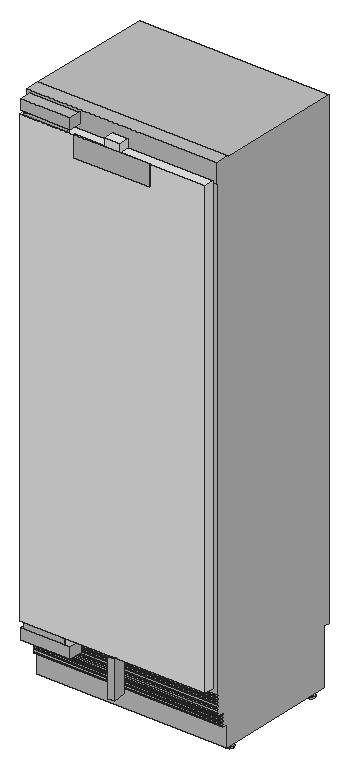
Revit family "FP_Revit_18_RS3084FLJK1_Freezer_90001072A", category Specialty Equipment, Revit 2018
Family settings
  Round Connector Dimension = Use Diameter
  Part Type = Normal
  OmniClass Number = 23.40.40.11.11
  OmniClass Title = Refrigerators and Freezers
  Work Plane-Based = No
  Always vertical = Yes
  Cut with Voids When Loaded = Yes
  Shared = No
  Room Calculation Point = No
Parameters (values of type "RS3084FLJK1")
  Visibility - Water Connection = yes
  Visibility - Visibility Control Note = yes
  Visibility - Clearance Required = yes
  URL = "www.fisherpaykel.com"
  Stainless Steel Door Panels (RD3484L4D) = no
  Product - Width = 756 mm  # constant formula
  Product - Height = 2134 mm  # constant formula
  Product - Depth (exl front panel) = 610 mm  # constant formula
  Model = "RS3084FLJK1"
  Material - Handle = Fisher & Paykel - Aluminium
  Material - Door Structure = Fisher & Paykel - White
  Material - Door Front = Fisher & Paykel - Stainless Steel
  Material - Body = Fisher & Paykel - Grey
  Manufacturer = "Fisher & Paykel Appliances"
  Handle Style - Professional Square (AHV2-RD84) = no
  Handle Style - Professional Round (AHC-RD84) = no
  Handle Style - Contemporary Square (AHD3-RD84) = no
  Handle Style - Contemporary Round (AHS-RD84) = no
  Description = "30\" Integrated Column Freezer with internal ice maker, stainless steel interior"
  Connector Description - Water = "1/4\" (6mm) comp. stainless steel braided hose"
  Connector Description - Electrical = "120 V, 10 amp fused electrical supply"
  Cavity - Width = 762 mm  # constant formula
  Cavity - Height = 2134 mm  # constant formula
  Cavity - Depth = 635 mm  # constant formula
Types (3, lengths in mm): name | Model | Description
  (no name) | "RS3084FLJK1" | "30\" Integrated Column Freezer with internal ice maker, stainless steel interior"
  RS3084FLJ1 | "RS3084FLJ1" | "30\" Integrated Column Freezer with internal ice maker, white steel interior"
  RS3084FLJK1 | "RS3084FLJK1" | "30\" Integrated Column Freezer with internal ice maker, stainless steel interior"
Reference planes
  plane 1 "Datum": y = 0
  plane 2: z = 0
  plane 3 "Center (Left/Right)": x = 0
  plane 4 "Product LHS": x = -378
  plane 5 "Product RHS": x = 378
  plane 6 "Product - Depth": y = 610
  plane 7 "Cavity LHS": x = -381
  plane 8 "Cavity RHS": x = 381
  plane 9 "Cavity - Depth": y = 612.9
  plane 10 "Handle Offset": x = 315
  plane 11 "Product Height": z = 2134
  plane 12 "Cavity Height": z = 2134
  plane 13 "Door Panel Datum": y = -4.1
Forms (mm)
  Extrusion 1, solid, material "Fisher & Paykel - Grey" <- "Material - Body", detail levels fine
    sketch origin (0, 0, 0) x (0, 1, 0) y (0, 0, 1)
      loop
        line (100.1, 19.1) -> (587.9, 19.1) -> (587.9, 239.7) -> (610, 239.7) -> (610, 2131.9) -> (105.1, 2131.9) -> (105.1, 2134) -> (49.9, 2134) -> (49.9, 2059) -> (56, 2059) -> (56, 228.6) -> (59.5, 228.6) -> (59.5, 219.7) -> (56.5, 219.7) -> (56.5, 215.9) -> (59.5, 215.9) -> (59.5, 207) -> (56.5, 207) -> (56.5, 203.2) -> (59.5, 203.2) -> (59.5, 194.3) -> (56.5, 194.3) -> (56.5, 190.5) -> (59.5, 190.5) -> (59.5, 181.6) -> (56.5, 181.6) -> (56.5, 177.8) -> (59.5, 177.8) -> (59.5, 168.9) -> (56.5, 168.9) -> (56.5, 165.1) -> (59.5, 165.1) -> (59.5, 156.2) -> (56.5, 156.2) -> (56.5, 152.4) -> (84.1, 152.4) -> (84.1, 143.5) -> (81.1, 143.5) -> (81.1, 139.7) -> (84.1, 139.7) -> (84.1, 130.8) -> (81.1, 130.8) -> (81.1, 127) -> (84.1, 127) -> (84.1, 118.1) -> (81.1, 118.1) -> (81.1, 114.3) -> (84.1, 114.3) -> (84.1, 105.4) -> (81.1, 105.4) -> (81.1, 101.6) -> (100.1, 101.6) -> (100.1, 19.1)
    from -378 to 378
  Extrusion 2, solid, material "Fisher & Paykel - Grey" <- "Material - Body"
    sketch origin (0, 0, 0) x (1, 0, 0) y (0, 1, 0)
      loop
        circle (-357.5, 547.8) r 4.1
      loop
        circle (-357.5, 141.8) r 4.1
      loop
        circle (357.5, 547.8) r 4.1
      loop
        circle (357.5, 141.8) r 4.1
    from 3 to 19.1
  Extrusion 3, solid, material "Fisher & Paykel - Grey" <- "Material - Body"
    sketch origin (0, 0, 0) x (1, 0, 0) y (0, 1, 0)
      loop
        circle (-357.5, 547.8) r 14.5
      loop
        circle (-357.5, 141.8) r 14.555
      loop
        circle (357.5, 547.8) r 14.5
      loop
        circle (357.5, 141.8) r 14.555
    from 0 to 3
  Extrusion 4, solid, material "Fisher & Paykel - Grey" <- "Material - Body", detail levels fine
    sketch origin (0, 0, 0) x (1, 0, 0) y (0, 1, 0)
      loop
        line (-7.5, 49) -> (-13.797, -4.1) -> (13.797, -4.1) -> (7.5, 49) -> (-7.5, 49)
    from 104.2 to 254.2
  Extrusion 5, solid, material "Fisher & Paykel - Grey" <- "Material - Body", detail levels fine
    sketch origin (0, 0, 0) x (0, 1, 0) y (0, 0, 1)
      loop
        line (0, 2070.6) -> (0, 1988.6) -> (2, 1988.6) -> (2, 2068.6) -> (4, 2068.6) -> (4, 2070.6) -> (0, 2070.6)
    from -150 to 150
  Extrusion 6, solid, material "Fisher & Paykel - Grey" <- "Material - Body"
    sketch origin (0, 0, 0) x (1, 0, 0) y (0, 0, 1)
      loop
        circle (303, 119.813) r 5
      loop
        circle (-303, 119.813) r 5
    from -590 to -587.9
  Extrusion 7, solid, material "Fisher & Paykel - White" <- "Material - Door Structure"
    sketch origin (0, 0, 0) x (1, 0, 0) y (0, 1, 0)
      loop
        line (-353, 56) -> (-353, 42) -> (353, 42) -> (353, 56) -> (-353, 56)
    from 269.6 to 2030.7
  Extrusion 8, solid, material "Fisher & Paykel - White" <- "Material - Door Structure"
    sketch origin (0, 0, 0) x (1, 0, 0) y (0, 1, 0)
      loop
        line (-369.4, 42) -> (-369.4, 3) -> (369.4, 3) -> (369.4, 42) -> (-369.4, 42)
    from 254.2 to 2068.6
  Extrusion 9, solid, material "Fisher & Paykel - White" <- "Material - Door Structure", detail levels fine
    sketch origin (0, 0, 0) x (1, 0, 0) y (0, 0, 1)
      loop
        line (-29.5, 2100.1) -> (-29.5, 2068.6) -> (29.5, 2068.6) -> (29.5, 2100.1) -> (-29.5, 2100.1)
    from -42 to -3
  Extrusion 10, solid, material "Fisher & Paykel - Stainless Steel" <- "Material - Door Front", visible <- "Stainless Steel Door Panels (RD3484L4D)"
    sketch origin (0, 0, 0) x (0, 1, 0) y (0, 0, 1)
      loop
        line (-22.1, 2130.8) -> (-22.1, 102) -> (-4.1, 102) -> (-4.1, 2130.8) -> (-22.1, 2130.8)
    from -378 to 378
  Extrusion 11, solid, material "Fisher & Paykel - Grey" <- "Material - Body", detail levels coarse+medium
    sketch origin (0, 0, 0) x (0, 1, 0) y (0, 0, 1)
      loop
        line (49.9, 2134) -> (49.9, 2059) -> (56, 2059) -> (56, 152.4) -> (81.1, 152.4) -> (81.1, 101.6) -> (100.1, 101.6) -> (100.1, 19.1) -> (587.9, 19.1) -> (587.9, 239.7) -> (610, 239.7) -> (610, 2134) -> (49.9, 2134)
    from -378 to 378
  Extrusion 12, solid, material "Fisher & Paykel - Grey" <- "Material - Body", detail levels fine
    sketch origin (0, 0, 0) x (-1, 0, 0) y (0, 0, -1)
      loop
        line (366.4, -187.65) -> (168.42, -187.65) -> (168.42, -229.75) -> (366.4, -229.75) -> (366.4, -187.65)
    from -56 to -2.5
  Extrusion 13, solid, material "Fisher & Paykel - Grey" <- "Material - Body", detail levels fine
    sketch origin (0, 0, 0) x (-1, 0, 0) y (0, 0, -1)
      loop
        line (366.4, -2123.15) -> (366.4, -2081.05) -> (168.42, -2081.05) -> (168.42, -2123.15) -> (366.4, -2123.15)
    from -49 to -2.5
  Extrusion 14, solid, material "Fisher & Paykel - Grey" <- "Material - Body", detail levels fine
    sketch origin (0, 0, -4) x (0, 1, 0) y (0, 0, 1)
      loop
        arc (163.888, 23.1) -> (180.4, 13.63) -> (196.912, 23.1) r 19.13
        line (196.912, 23.1) -> (163.888, 23.1)
      loop
        arc (493.888, 23.1) -> (510.4, 13.63) -> (526.912, 23.1) r 19.13
        line (526.912, 23.1) -> (493.888, 23.1)
    from 191 to 219
  Extrusion 15, solid, material "Fisher & Paykel - Grey" <- "Material - Body", detail levels fine
    sketch origin (0, 0, -4) x (0, 1, 0) y (0, 0, -1)
      loop
        line (163.888, -23.1) -> (196.912, -23.1)
        arc (196.912, -23.1) -> (180.4, -13.63) -> (163.888, -23.1) r 19.13
      loop
        line (493.888, -23.1) -> (526.912, -23.1)
        arc (526.912, -23.1) -> (510.4, -13.63) -> (493.888, -23.1) r 19.13
    from 191 to 219
  Extrusion 16, solid, material "Fisher & Paykel - Clearance Required", visible <- "Visibility - Clearance Required", detail levels coarse
    sketch origin (0, 0, 0) x (1, 0, 0) y (0, 1, 0)
      loop
        line (-381, 612.9) -> (-381, -4.1) -> (381, -4.1) -> (381, 612.9) -> (-381, 612.9)
    from 0 to 2134
  Extrusion 17, void
    sketch origin (0, 0, 0) x (1, 0, 0) y (0, 1, 0)
      loop
        line (-381, 612.9) -> (-381, -22.1) -> (381, -22.1) -> (381, 612.9) -> (-381, 612.9)
    from 0 to 2134
  Extrusion 18, solid, material "Fisher & Paykel - Grey" <- "Material - Body", detail levels fine
    sketch origin (-73, 0, 0) x (-1, 0, 0) y (0, 0, -1)
      loop
        line (118.4, -254.2) -> (282.9, -254.2) -> (282.9, -229.75) -> (118.4, -229.75) -> (118.4, -254.2)
      loop
        line (106, -2081.05) -> (242.9, -2081.05) -> (282.9, -2076.05) -> (282.9, -2068.6) -> (106, -2068.6) -> (106, -2081.05)
    from -7 to -4
  Extrusion 19, solid, material "Fisher & Paykel - Clearance Required", visible <- "Visibility - Clearance Required", detail levels coarse
    sketch origin (0, 0, 0) x (-1, 0, 0) y (0, -1, 0)
      loop
        line (301.5, 22.1) -> (378, 22.1)
        arc (378, 22.1) -> (380.992, 57.074) -> (415.915, 60.616) r 27.5
        line (415.915, 60.616) -> (697.006, 665.395) -> (723.252, 653.196)
        arc (723.252, 653.196) -> (747.815, 662.136) -> (738.875, 686.699) r 18.483
        line (738.875, 686.699) -> (712.602, 698.95) -> (734.604, 746.289)
        arc (734.604, 746.289) -> (-22.015, 691.951) -> (-378, 22.1) r 783.517
        line (-378, 22.1) -> (301.5, 22.1)
    from 0 to 2134
Lines and regions (mm)
  model lines, style "Fisher & Paykel"
    curve 1: line (-378, -4.1, 2130.8) -> (378, -4.1, 2130.8)
    curve 2: line (-378, -4.1, 102) -> (-378, -4.1, 2130.8)
    curve 3: line (378, -4.1, 102) -> (-378, -4.1, 102)
    curve 4: line (378, -4.1, 2130.8) -> (378, -4.1, 102)
Text (mm)
  text "Due to ongoing product development, product details are subject to change without notice. \nPlease always refer to www.fisherpaykel.com for the most current product information. \n© Fisher & Paykel 2020" at (41.04, -848.295, 0), in view "Ref. Level (Plan)"
Dimensions and locks
  equal spacing: plane 4 "Product LHS", plane 3 "Center (Left/Right)", plane 5 "Product RHS"
  "Product - Width": plane 4 "Product LHS" to plane 5 "Product RHS"
  "Product - Depth (exl front panel)": plane 1 "Datum" to plane 6 "Product - Depth"
  equal spacing: plane 7 "Cavity LHS", plane 3 "Center (Left/Right)", plane 8 "Cavity RHS"
  "Cavity - Width": plane 7 "Cavity LHS" to plane 8 "Cavity RHS"
  plane 4 "Product LHS" to Extrusion 2 sketch curve = 24.6 mm
  plane 4 "Product LHS" to plane 10 "Handle Offset" = 693 mm
  Extrusion 6 sketch curve to Extrusion 1 = 119.887 mm  (x2)
  Extrusion 6 sketch curve to plane 5 "Product RHS" = 75 mm
  plane 4 "Product LHS" to Extrusion 6 sketch curve = 75 mm
  Extrusion 1 sketch curve to Extrusion 1 sketch curve = 82.5 mm
  Extrusion 1 sketch curve to Extrusion 1 sketch curve = 209.5 mm
  Extrusion 1 sketch curve to Extrusion 1 sketch curve = 220.6 mm
  Extrusion 3 to level = 3 mm
  Extrusion 11 to Extrusion 8 = 235.1 mm
  Extrusion 11 to Extrusion 7 = 250.5 mm
  Extrusion 11 to Extrusion 11 = 2114.9 mm
  Extrusion 11 to Extrusion 10 = 82.9 mm
  "Product - Height": level to plane 11 "Product Height"
  plane 11 "Product Height" to Extrusion 10 = 3.2 mm
  Extrusion 8 to plane 11 "Product Height" = 65.4 mm
  Extrusion 7 to plane 11 "Product Height" = 103.3 mm
  Extrusion 11 sketch curve to plane 11 "Product Height" = 75 mm
  Extrusion 1 sketch curve to plane 11 "Product Height" = 2.1 mm
  Extrusion 1 sketch curve to plane 11 "Product Height" = 75 mm
  "Cavity - Height": plane 12 "Cavity Height" to level
  plane 1 "Datum" to Extrusion 16 = 612.9 mm
  plane 1 "Datum" to Extrusion 17 = 612.9 mm
  Extrusion 18 sketch curve to Extrusion 18 sketch curve = 40 mm
  Extrusion 18 sketch curve to Extrusion 18 sketch curve = 176.9 mm
  plane 3 "Center (Left/Right)" to Extrusion 18 sketch curve = 179 mm
  plane 3 "Center (Left/Right)" to Extrusion 18 sketch curve = 191.4 mm
  plane 3 "Center (Left/Right)" to Extrusion 18 sketch curve = 355.9 mm
  plane 3 "Center (Left/Right)" to Extrusion 13 sketch curve = 168.42 mm
  plane 3 "Center (Left/Right)" to Extrusion 12 sketch curve = 168.42 mm
  plane 1 "Datum" to Extrusion 19 = 22.1 mm
  "Cavity - Depth": plane 9 "Cavity - Depth" to Extrusion 19
  plane 10 "Handle Offset" to plane 5 "Product RHS" = 63 mm
  radius of Extrusion 6 sketch curve = 5 mm
  aligned and locked: level to plane 2
  aligned and locked: Extrusion 10 to plane 5 "Product RHS"
  aligned and locked: plane 4 "Product LHS" to Extrusion 10
  aligned and locked: Extrusion 11 to plane 5 "Product RHS"
  aligned and locked: Extrusion 11 to plane 4 "Product LHS"
  aligned and locked: Extrusion 11 sketch curve to plane 11 "Product Height"
  aligned and locked: plane 11 "Product Height" to Extrusion 1 sketch curve
  aligned and locked: Extrusion 14 sketch curve to Extrusion 14 sketch curve
  aligned and locked: Extrusion 15 sketch curve to Extrusion 15 sketch curve
  aligned and locked: Extrusion 1 to plane 5 "Product RHS"
  aligned and locked: plane 4 "Product LHS" to Extrusion 1
  aligned and locked: Extrusion 11 sketch curve to Extrusion 1  (x4)
  aligned and locked: Extrusion 2 to Extrusion 1
  aligned and locked: nested 2 to plane 10 "Handle Offset"
  aligned and locked: nested 3 to plane 10 "Handle Offset"
  aligned and locked: nested 4 to plane 10 "Handle Offset"
  aligned and locked: nested 5 to plane 10 "Handle Offset"
Automatic sketch dimensions
  Extrusion 1 sketch curve to plane 6 "Product - Depth" = 0 mm
  Extrusion 1 sketch curve to Extrusion 1 sketch curve = 22.1 mm
  Extrusion 1 sketch curve to plane 1 "Datum" = 105.1 mm
  level to Extrusion 1 sketch curve = 19.1 mm
  Extrusion 1 sketch curve to plane 1 "Datum" = 100.1 mm
  Extrusion 1 sketch curve to Extrusion 1 sketch curve = 16 mm
  Extrusion 1 sketch curve to Extrusion 1 sketch curve = 0 mm  (x8)
  Extrusion 1 sketch curve to Extrusion 1 sketch curve = 3 mm  (x10)
  Extrusion 1 sketch curve to plane 1 "Datum" = 59.5 mm
  Extrusion 1 sketch curve to plane 1 "Datum" = 56 mm
  Extrusion 1 sketch curve to plane 1 "Datum" = 49.9 mm
  Extrusion 1 sketch curve to Extrusion 1 sketch curve = 3.8 mm  (x10)
  Extrusion 1 sketch curve to Extrusion 1 sketch curve = 8.9 mm  (x9)
  Extrusion 2 sketch curve to plane 4 "Product LHS" = 20.5 mm  (x2)
  plane 5 "Product RHS" to Extrusion 2 sketch curve = 20.5 mm  (x2)
  Extrusion 2 sketch curve to plane 1 "Datum" = 141.8 mm  (x2)
  Extrusion 2 sketch curve to plane 6 "Product - Depth" = 62.2 mm  (x2)
  Extrusion 3 sketch curve to plane 4 "Product LHS" = 20.5 mm  (x2)
  plane 5 "Product RHS" to Extrusion 3 sketch curve = 20.5 mm  (x2)
  Extrusion 3 sketch curve to plane 1 "Datum" = 141.8 mm  (x2)
  Extrusion 3 sketch curve to plane 6 "Product - Depth" = 62.2 mm  (x2)
  plane 1 "Datum" to Extrusion 4 sketch curve = 4.1 mm
  Extrusion 4 sketch curve to plane 3 "Center (Left/Right)" = 13.797 mm
  Extrusion 4 sketch curve to plane 3 "Center (Left/Right)" = 7.5 mm
  plane 3 "Center (Left/Right)" to Extrusion 4 sketch curve = 7.5 mm
  plane 3 "Center (Left/Right)" to Extrusion 4 sketch curve = 13.797 mm
  Extrusion 4 sketch curve to plane 1 "Datum" = 49 mm
  Extrusion 5 sketch curve to plane 1 "Datum" = 0 mm
  Extrusion 5 sketch curve to plane 1 "Datum" = 2 mm
  Extrusion 5 sketch curve to Extrusion 5 sketch curve = 2 mm  (x2)
  plane 11 "Product Height" to Extrusion 5 sketch curve = 145.4 mm
  plane 11 "Product Height" to Extrusion 5 sketch curve = 65.4 mm
  Extrusion 7 sketch curve to plane 4 "Product LHS" = 25 mm
  plane 5 "Product RHS" to Extrusion 7 sketch curve = 25 mm
  Extrusion 7 sketch curve to plane 1 "Datum" = 42 mm
  Extrusion 7 sketch curve to Extrusion 7 sketch curve = 14 mm
  Extrusion 8 sketch curve to plane 1 "Datum" = 3 mm
  Extrusion 8 sketch curve to plane 4 "Product LHS" = 8.6 mm
  plane 5 "Product RHS" to Extrusion 8 sketch curve = 8.6 mm
  Extrusion 8 sketch curve to Extrusion 8 sketch curve = 39 mm
  Extrusion 9 sketch curve to plane 3 "Center (Left/Right)" = 29.5 mm
  plane 3 "Center (Left/Right)" to Extrusion 9 sketch curve = 29.5 mm
  plane 11 "Product Height" to Extrusion 9 sketch curve = 65.4 mm
  Extrusion 9 sketch curve to Extrusion 9 sketch curve = 31.5 mm
  plane 1 "Datum" to Extrusion 10 sketch curve = 22.1 mm
  plane 1 "Datum" to Extrusion 10 sketch curve = 4.1 mm
  level to Extrusion 10 sketch curve = 102 mm
  plane 11 "Product Height" to Extrusion 10 sketch curve = 3.2 mm
  Extrusion 11 sketch curve to plane 6 "Product - Depth" = 0 mm
  Extrusion 11 sketch curve to plane 6 "Product - Depth" = 22.1 mm
  Extrusion 11 sketch curve to plane 1 "Datum" = 100.1 mm
  Extrusion 11 sketch curve to Extrusion 11 sketch curve = 19 mm
  Extrusion 11 sketch curve to plane 1 "Datum" = 56 mm
  Extrusion 11 sketch curve to plane 1 "Datum" = 49.9 mm
  Extrusion 11 sketch curve to Extrusion 11 sketch curve = 50.8 mm
  plane 4 "Product LHS" to Extrusion 12 sketch curve = 11.6 mm
  Extrusion 12 sketch curve to level = 187.65 mm
  Extrusion 12 sketch curve to Extrusion 12 sketch curve = 42.1 mm
  plane 4 "Product LHS" to Extrusion 13 sketch curve = 11.6 mm
  Extrusion 13 sketch curve to plane 11 "Product Height" = 52.95 mm
  Extrusion 13 sketch curve to plane 11 "Product Height" = 10.85 mm
  level to Extrusion 14 sketch curve = 19.1 mm
  Extrusion 14 sketch curve to plane 1 "Datum" = 163.888 mm
  Extrusion 14 sketch curve to Extrusion 14 sketch curve = 16.512 mm  (x2)
  Extrusion 14 sketch curve to plane 6 "Product - Depth" = 116.112 mm
  Extrusion 14 sketch curve to Extrusion 14 sketch curve = 9.66 mm  (x2)
  level to Extrusion 15 sketch curve = 19.1 mm
  Extrusion 15 sketch curve to plane 1 "Datum" = 163.888 mm
  Extrusion 15 sketch curve to Extrusion 15 sketch curve = 16.512 mm  (x2)
  Extrusion 15 sketch curve to plane 6 "Product - Depth" = 116.112 mm
  Extrusion 15 sketch curve to Extrusion 15 sketch curve = 9.66 mm  (x2)
  Extrusion 16 sketch curve to plane 7 "Cavity LHS" = 0 mm
  Extrusion 16 sketch curve to plane 8 "Cavity RHS" = 0 mm
  Extrusion 16 sketch curve to plane 9 "Cavity - Depth" = 0 mm
  plane 1 "Datum" to Extrusion 16 sketch curve = 4.1 mm
  Extrusion 17 sketch curve to plane 7 "Cavity LHS" = 0 mm
  Extrusion 17 sketch curve to plane 8 "Cavity RHS" = 0 mm
  plane 9 "Cavity - Depth" to Extrusion 17 sketch curve = 0 mm
  plane 1 "Datum" to Extrusion 17 sketch curve = 22.1 mm
  Extrusion 18 sketch curve to level = 229.75 mm
  Extrusion 18 sketch curve to Extrusion 18 sketch curve = 24.45 mm
  Extrusion 18 sketch curve to plane 11 "Product Height" = 65.4 mm
  Extrusion 18 sketch curve to Extrusion 18 sketch curve = 7.45 mm
  Extrusion 18 sketch curve to Extrusion 18 sketch curve = 5 mm
  Extrusion 19 sketch curve to plane 5 "Product RHS" = 0 mm
  Extrusion 19 sketch curve to plane 1 "Datum" = 22.1 mm
  plane 4 "Product LHS" to Extrusion 19 sketch curve = 76.5 mm
  plane 4 "Product LHS" to Extrusion 19 sketch curve = 0 mm
  Extrusion 19 sketch curve to plane 7 "Cavity LHS" = 19.59 mm
  Extrusion 19 sketch curve to Extrusion 19 sketch curve = 4.816 mm
  Extrusion 19 sketch curve to Extrusion 19 sketch curve = 10.509 mm
  Extrusion 19 sketch curve to plane 7 "Cavity LHS" = 316.006 mm
  Extrusion 19 sketch curve to Extrusion 19 sketch curve = 15.596 mm
  Extrusion 19 sketch curve to Extrusion 19 sketch curve = 26.246 mm
  Extrusion 19 sketch curve to Extrusion 19 sketch curve = 7.811 mm  (x2)
  Extrusion 19 sketch curve to Extrusion 19 sketch curve = 22.003 mm
  Extrusion 19 sketch curve to Extrusion 19 sketch curve = 13.185 mm
  Extrusion 19 sketch curve to Extrusion 19 sketch curve = 2.497 mm
  Extrusion 19 sketch curve to Extrusion 19 sketch curve = 93.093 mm
  Extrusion 19 sketch curve to Extrusion 19 sketch curve = 16.751 mm
  Extrusion 19 sketch curve to Extrusion 19 sketch curve = 12.251 mm
  plane 5 "Product RHS" to curve 1 = 0 mm
  plane 4 "Product LHS" to curve 3 = 0 mm
  level to curve 3 = 102 mm
  plane 11 "Product Height" to curve 2 = 3.2 mm
  radius of Extrusion 2 sketch curve = 4.1 mm  (x3)
  radius of Extrusion 3 sketch curve = 14.5 mm  (x2)
  radius of Extrusion 3 sketch curve = 14.555 mm  (x2)
  radius of Extrusion 6 sketch curve = 5 mm
Nested families
  nested 1: "Visibility Control Note 18" at (0, 0, 0), visible <- "Visibility - Visibility Control Note", type "Visibility Control Note 18"
  nested 2: "Handle Contemporary Round - Vertical" at (315, -22.1, 1242.58), visible <- "Handle Style - Contemporary Round (AHS-RD84)", type "AHS-RD84 - Contemporary round handle (Vertical) 852mm"
  nested 3: "Handle Contemporary Square - Vertical" at (315, -22.1, 1242.58), visible <- "Handle Style - Contemporary Square (AHD3-RD84)", type "AHD3-RD84 - Contemporary square handle (Vertical) 852mm"
  nested 4: "Handle Professional Round - Vertical" at (315, -22.1, 1242.58), visible <- "Handle Style - Professional Round (AHC-RD84)", type "AHC-RD84 - Professional round handle (Vertical) 786mm"
  nested 5: "Handle Professional Square - Vertical" at (315, -22.1, 1242.58), visible <- "Handle Style - Professional Square (AHV2-RD84)", type "AHV2-RD84 - Professional square handle (Vertical) 792mm"
Connectors
  electrical at (-303, 590, 119.813), driven by "Connector Description - Electrical"
    settings: on Extrusion 6, index 1, voltage 120 V, apparent load 0 VA, apparent load phase1 0 VA, apparent load phase2 0 VA, apparent load phase3 0 VA, power factor 1, load classification "Other", number of poles 1, system type 30, power factor state 1, is connector primary yes, connector utility no, sub classification motor no, connector description "120 V, 10 amp fused electrical supply"
  piping at (303, 590, 119.813), diameter 12.7, driven by "Visibility - Water Connection", driven by "Connector Description - Water"
    settings: on Extrusion 6, index 2, connector inside diameter 609.6 mm, connector length 0 mm, flow factor 0, pipe flow 0.0 L/s, pressure drop 0.0 Pa, fitting loss kfactor 0, connector angle 0.00°, fixture units 0, engagement length 0 mm, angle of deflection 0.00°, flow configuration 0, flow direction 1, fitting loss method 0, system type 20, joint type 0, gender type 0, connector reference index -1, connector utility 1, adjustable connector no, is connector primary yes, connector description "1/4\" (6mm) comp. stainless steel braided hose"
Definition of nested family "Handle Contemporary Round - Vertical"
  Parameters (values of type "AHSRS80A - Contemporary round handle (1 of 2) (Vertical) 727mm")
    URL = "www.fisherpaykel.com"
    Material - Handle = none
    Manufacturer = "Fisher & Paykel Appliances"
    Handle - Length = 727 mm
  Types (6, lengths in mm): name | Handle - Length
    AHS-RD21 - Contemporary round handle (Vertical) 852mm | 852
    AHSRD2484W - Contemporary round handle (1 of 2) (Vertical) 727mm | 727
    AHSRD3084W - Contemporary round handle (1 of 2) (Vertical) 727mm | 727
    AHS-RD84 - Contemporary round handle (Vertical) 852mm | 852
    AHSRS3272A - Contemporary round handle (1 of 2) (Vertical) 727mm | 727
    AHSRS80A - Contemporary round handle (1 of 2) (Vertical) 727mm | 727
  Reference planes
    plane 1 "Center (Front/Back)": y = 0
    plane 2: z = 0
    plane 3 "Center (Left/Right)": x = 0
    plane 4 "Top": z = 363.5
    plane 5 "Bottom": z = -363.5
    plane 6 "Top Standoff": z = 243.5
    plane 7 "Bottom Standoff": z = -243.5
  Forms (mm)
    Extrusion 1, solid, material <- "Material - Handle"
      sketch origin (0, 0, 0) x (1, 0, 0) y (0, 1, 0)
        loop
          circle (0, -32.3) r 8.7
      from -243.5 to 243.5
    Extrusion 2, solid, material <- "Material - Handle", detail levels fine
      sketch origin (0, 0, 0) x (1, 0, 0) y (0, 1, 0)
        loop
          line (-8.7, 0) -> (-8.7, -32.3)
          arc (-8.7, -32.3) -> (0, -41) -> (8.7, -32.3) r 8.7
          line (8.7, -32.3) -> (8.7, 0) -> (-8.7, 0)
      from 243.5 to 363.5
    Extrusion 3, solid, material <- "Material - Handle", detail levels fine
      sketch origin (0, 0, 0) x (1, 0, 0) y (0, 1, 0)
        loop
          line (-8.7, 0) -> (-8.7, -32.3)
          arc (-8.7, -32.3) -> (0, -41) -> (8.7, -32.3) r 8.7
          line (8.7, -32.3) -> (8.7, 0) -> (-8.7, 0)
      from -363.5 to -243.5
    Sweep 4, void
      path in 3D
        loop
          line (8.7, 0, -363.5) -> (8.7, -32.3, -363.5)
          arc (8.7, -32.3, -363.5) -> (0, -41, -363.5) -> (-8.7, -32.3, -363.5) r 8.7
          line (-8.7, -32.3, -363.5) -> (-8.7, 0, -363.5)
      profile origin (8.7, -16.15, -363.5) x (-1, 0, 0) y (0, 0, -1)
        loop
          line (0, 0) -> (0, -1) -> (1, 0) -> (0, 0)
    Sweep 5, void
      path in 3D
        loop
          line (-8.7, 0, 363.5) -> (-8.7, -32.3, 363.5)
          arc (-8.7, -32.3, 363.5) -> (0, -41, 363.5) -> (8.7, -32.3, 363.5) r 8.7
          line (8.7, -32.3, 363.5) -> (8.7, 0, 363.5)
      profile origin (8.7, -16.15, 363.5) x (-1, 0, 0) y (0, 0, 1)
        loop
          line (0, 0) -> (0, -1) -> (1, 0) -> (0, 0)
    Extrusion 6, solid, material <- "Material - Handle", detail levels coarse+medium
      sketch origin (0, 0, 0) x (1, 0, 0) y (0, 1, 0)
        loop
          line (-8.7, 0) -> (-8.7, -32.3)
          arc (-8.7, -32.3) -> (0, -41) -> (8.7, -32.3) r 8.7
          line (8.7, -32.3) -> (8.7, 0) -> (-8.7, 0)
      from 243.5 to 363.5
    Extrusion 7, solid, material <- "Material - Handle", detail levels coarse+medium
      sketch origin (0, 0, 0) x (1, 0, 0) y (0, 1, 0)
        loop
          line (-8.7, 0) -> (-8.7, -32.3)
          arc (-8.7, -32.3) -> (0, -41) -> (8.7, -32.3) r 8.7
          line (8.7, -32.3) -> (8.7, 0) -> (-8.7, 0)
      from -363.5 to -243.5
  Cuts and joins
    Sweep 4 cuts Extrusion 3
    Sweep 5 cuts Extrusion 2
  Lines and regions (mm)
    sketch lines
      curve 1: line (8.7, 0, -363.5) -> (8.7, -32.3, -363.5)
      curve 2: arc (-8.7, -32.3, -363.5) -> (0, -41, -363.5) -> (8.7, -32.3, -363.5) r 8.7
      curve 3: line (-8.7, -32.3, -363.5) -> (-8.7, 0, -363.5)
      curve 4: line (8.7, -32.3, 363.5) -> (8.7, 0, 363.5)
      curve 5: arc (8.7, -32.3, 363.5) -> (0, -41, 363.5) -> (-8.7, -32.3, 363.5) r 8.7
      curve 6: line (-8.7, 0, 363.5) -> (-8.7, -32.3, 363.5)
  Dimensions and locks
    equal spacing: plane 4 "Top", level, plane 5 "Bottom"
    "Handle - Length": plane 4 "Top" to plane 5 "Bottom"
    locked: plane 4 "Top" to plane 6 "Top Standoff" at 120
    locked: plane 7 "Bottom Standoff" to plane 5 "Bottom" at 120
    Extrusion 2 sketch curve to Extrusion 2 sketch curve = 17.4 mm
    Extrusion 3 sketch curve to Extrusion 3 sketch curve = 17.4 mm
    Extrusion 6 sketch curve to Extrusion 6 sketch curve = 17.4 mm
    Extrusion 7 sketch curve to Extrusion 7 sketch curve = 17.4 mm
    aligned and locked: level to plane 2
    aligned and locked: plane 4 "Top" to Extrusion 2
    aligned and locked: Extrusion 3 to plane 5 "Bottom"
    aligned and locked: plane 7 "Bottom Standoff" to Extrusion 3
    aligned and locked: Extrusion 1 to plane 7 "Bottom Standoff"
    aligned and locked: plane 6 "Top Standoff" to Extrusion 1
    aligned and locked: Extrusion 2 to Extrusion 1
    aligned and locked: Extrusion 6 to Extrusion 1
    aligned and locked: plane 4 "Top" to Extrusion 6
    aligned and locked: Extrusion 7 to Extrusion 1
    aligned and locked: Extrusion 7 to plane 5 "Bottom"
  Automatic sketch dimensions
    Extrusion 1 sketch curve to plane 3 "Center (Left/Right)" = 0 mm
    plane 1 "Center (Front/Back)" to Extrusion 1 sketch curve = 32.3 mm
    plane 1 "Center (Front/Back)" to Extrusion 2 sketch curve = 0 mm
    Extrusion 2 sketch curve to plane 3 "Center (Left/Right)" = 0 mm
    Extrusion 2 sketch curve to plane 3 "Center (Left/Right)" = 8.7 mm
    plane 1 "Center (Front/Back)" to Extrusion 2 sketch curve = 32.3 mm
    plane 1 "Center (Front/Back)" to Extrusion 3 sketch curve = 0 mm
    Extrusion 3 sketch curve to plane 3 "Center (Left/Right)" = 0 mm
    Extrusion 3 sketch curve to plane 3 "Center (Left/Right)" = 8.7 mm
    plane 1 "Center (Front/Back)" to Extrusion 3 sketch curve = 32.3 mm
    Sweep 4 sketch curve to profile plane = 0 mm  (x2)
    Sweep 4 sketch curve to profile plane = 1 mm  (x2)
    Sweep 5 sketch curve to profile plane = 0 mm  (x2)
    Sweep 5 sketch curve to profile plane = 1 mm  (x2)
    Extrusion 6 sketch curve to plane 3 "Center (Left/Right)" = 0 mm
    Extrusion 6 sketch curve to plane 3 "Center (Left/Right)" = 8.7 mm
    plane 1 "Center (Front/Back)" to Extrusion 6 sketch curve = 32.3 mm
    Extrusion 6 sketch curve to Extrusion 6 sketch curve = 32.3 mm
    Extrusion 7 sketch curve to plane 3 "Center (Left/Right)" = 0 mm
    Extrusion 7 sketch curve to plane 3 "Center (Left/Right)" = 8.7 mm
    plane 1 "Center (Front/Back)" to Extrusion 7 sketch curve = 32.3 mm
    Extrusion 7 sketch curve to Extrusion 7 sketch curve = 32.3 mm
    radius of Extrusion 1 sketch curve = 8.7 mm
Definition of nested family "Handle Contemporary Square - Vertical"
  Parameters (values of type "AHD3RS80A - Contemporary square handle (1 of 2) (Vertical) 727mm")
    URL = "www.fisherpaykel.com"
    Material - Handle = none
    Manufacturer = "Fisher & Paykel Appliances"
    Handle - Length = 727 mm
  Types (7, lengths in mm): name | Handle - Length
    (no name) | 727
    AHD3-RD21 - Contemporary square handle (Vertical) 852mm | 852
    AHD3RD2484W - Contemporary square handle (1 of 2) (Vertical) 727mm | 727
    AHD3RD3084W - Contemporary square handle (1 of 2) (Vertical) 727mm | 727
    AHD3-RD84 - Contemporary square handle (Vertical) 852mm | 852
    AHD3RS3272A - Contemporary square handle (1 of 2) (Vertical) 727mm | 727
    AHD3RS80A - Contemporary square handle (1 of 2) (Vertical) 727mm | 727
  Reference planes
    plane 1 "Center (Front/Back)": y = 0
    plane 2: z = 0
    plane 3 "Center (Left/Right)": x = 0
    plane 4 "Top": z = 363.5
    plane 5 "Bottom": z = -363.5
    plane 6 "Top Standoff": z = 243.5
    plane 7 "Bottom Standoff": z = -243.5
  Forms (mm)
    Extrusion 1, solid, material <- "Material - Handle", detail levels fine
      sketch origin (0, 0, 0) x (1, 0, 0) y (0, 1, 0)
        loop
          arc (-7.583, -28.701) -> (-7.89, -29.057) -> (-8, -29.514) r 1
          line (-8, -29.514) -> (-8, -40.5)
          arc (-8, -40.5) -> (-7.561, -41.561) -> (-6.5, -42) r 1.5
          line (-6.5, -42) -> (6.5, -42)
          arc (6.5, -42) -> (7.561, -41.561) -> (8, -40.5) r 1.5
          line (8, -40.5) -> (8, -29.487)
          arc (8, -29.487) -> (7.889, -29.029) -> (7.58, -28.673) r 1
          arc (7.58, -28.673) -> (-0.006, -26.256) -> (-7.583, -28.701) r 13.038
      from -363.5 to 363.5
    Extrusion 2, solid, material <- "Material - Handle", detail levels fine
      sketch origin (0, 0, 0) x (1, 0, 0) y (0, 1, 0)
        loop
          arc (7.058, -28.23) -> (7.466, -28.244) -> (7.674, -27.893) r 0.4
          line (7.674, -27.893) -> (7.674, 0) -> (-7.674, 0) -> (-7.674, -27.86)
          arc (-7.674, -27.86) -> (-7.467, -28.21) -> (-7.06, -28.198) r 0.4
          arc (-7.06, -28.198) -> (0.004, -26.156) -> (7.058, -28.23) r 13.136
      from 243.5 to 363.5
    Extrusion 3, solid, material <- "Material - Handle", detail levels fine
      sketch origin (0, 0, 0) x (1, 0, 0) y (0, 1, 0)
        loop
          arc (7.058, -28.23) -> (7.466, -28.244) -> (7.674, -27.893) r 0.4
          line (7.674, -27.893) -> (7.674, 0) -> (-7.674, 0) -> (-7.674, -27.86)
          arc (-7.674, -27.86) -> (-7.467, -28.21) -> (-7.06, -28.198) r 0.4
          arc (-7.06, -28.198) -> (0.004, -26.156) -> (7.058, -28.23) r 13.136
      from -363.5 to -243.5
    Sweep 4, void
      path in 3D
        loop
          line (-8, -29.514, 363.5) -> (-8, -40.5, 363.5)
          arc (-8, -40.5, 363.5) -> (-7.561, -41.561, 363.5) -> (-6.5, -42, 363.5) r 1.5
          line (-6.5, -42, 363.5) -> (6.5, -42, 363.5)
          arc (6.5, -42, 363.5) -> (7.561, -41.561, 363.5) -> (8, -40.5, 363.5) r 1.5
          line (8, -40.5, 363.5) -> (8, -29.487, 363.5)
      profile origin (8, -34.994, 363.5) x (-1, 0, 0) y (0, 0, 1)
        loop
          line (0, 0) -> (0, -1.3) -> (1.3, 0) -> (0, 0)
    Sweep 5, void
      path in 3D
        loop
          line (8, -29.487, -363.5) -> (8, -40.5, -363.5)
          arc (8, -40.5, -363.5) -> (7.561, -41.561, -363.5) -> (6.5, -42, -363.5) r 1.5
          line (6.5, -42, -363.5) -> (-6.5, -42, -363.5)
          arc (-6.5, -42, -363.5) -> (-7.561, -41.561, -363.5) -> (-8, -40.5, -363.5) r 1.5
          line (-8, -40.5, -363.5) -> (-8, -29.514, -363.5)
      profile origin (8, -34.994, -363.5) x (-1, 0, 0) y (0, 0, -1)
        loop
          line (0, 0) -> (0, -1.3) -> (1.3, 0) -> (0, 0)
    Extrusion 6, void
      sketch origin (0, 0, 0) x (1, 0, 0) y (0, 0, 1)
        loop
          line (-8, -362.2) -> (-8, -363.5) -> (-6.7, -363.5) -> (-8, -362.2)
        loop
          line (8, -362.2) -> (6.7, -363.5) -> (8, -363.5) -> (8, -362.2)
      from 0 to 40
    Extrusion 7, void
      sketch origin (0, 0, 0) x (1, 0, 0) y (0, 0, 1)
        loop
          line (-8, 363.5) -> (-8, 362.2) -> (-6.7, 363.5) -> (-8, 363.5)
        loop
          line (8, 363.5) -> (6.7, 363.5) -> (8, 362.2) -> (8, 363.5)
      from 0 to 40
    Extrusion 8, solid, material <- "Material - Handle", detail levels coarse+medium
      sketch origin (0, 0, 0) x (0, 1, 0) y (0, 0, 1)
        loop
          line (0, 363.5) -> (-42, 363.5) -> (-42, -363.5) -> (0, -363.5) -> (0, -243.5) -> (-26.245, -243.5) -> (-26.245, 243.5) -> (0, 243.5) -> (0, 363.5)
      from -8 to 8
  Cuts and joins
    Sweep 4, Sweep 5, Extrusion 6, Extrusion 7 cuts Extrusion 1
    Extrusion 6 cuts Extrusion 3
    Extrusion 7 cuts Extrusion 2
  Lines and regions (mm)
    sketch lines
      curve 1: line (8, -40.5, 363.5) -> (8, -29.487, 363.5)
      curve 2: arc (8, -40.5, 363.5) -> (7.561, -41.561, 363.5) -> (6.5, -42, 363.5) r 1.5
      curve 3: line (-6.5, -42, 363.5) -> (6.5, -42, 363.5)
      curve 4: arc (-6.5, -42, 363.5) -> (-7.561, -41.561, 363.5) -> (-8, -40.5, 363.5) r 1.5
      curve 5: line (-8, -29.514, 363.5) -> (-8, -40.5, 363.5)
      curve 6: line (8, -29.487, -363.5) -> (8, -40.5, -363.5)
      curve 7: arc (6.5, -42, -363.5) -> (7.561, -41.561, -363.5) -> (8, -40.5, -363.5) r 1.5
      curve 8: line (6.5, -42, -363.5) -> (-6.5, -42, -363.5)
      curve 9: arc (-8, -40.5, -363.5) -> (-7.561, -41.561, -363.5) -> (-6.5, -42, -363.5) r 1.5
      curve 10: line (-8, -40.5, -363.5) -> (-8, -29.514, -363.5)
  Dimensions and locks
    equal spacing: plane 4 "Top", level, plane 5 "Bottom"
    "Handle - Length": plane 4 "Top" to plane 5 "Bottom"
    locked: plane 4 "Top" to plane 6 "Top Standoff" at 120
    locked: plane 7 "Bottom Standoff" to plane 5 "Bottom" at 120
    aligned and locked: level to plane 2
    aligned and locked: plane 4 "Top" to Extrusion 2
    aligned and locked: Extrusion 2 to plane 6 "Top Standoff"
    aligned and locked: plane 4 "Top" to Extrusion 1
    aligned and locked: Extrusion 1 to plane 5 "Bottom"
    aligned and locked: Extrusion 3 to plane 5 "Bottom"
    aligned and locked: plane 7 "Bottom Standoff" to Extrusion 3
    aligned and locked: plane 4 "Top" to Extrusion 8 sketch curve
    aligned and locked: plane 6 "Top Standoff" to Extrusion 8 sketch curve
    aligned and locked: plane 7 "Bottom Standoff" to Extrusion 8 sketch curve
    aligned and locked: plane 5 "Bottom" to Extrusion 8 sketch curve
    aligned and locked: plane 1 "Center (Front/Back)" to Extrusion 8 sketch curve  (x2)
  Automatic sketch dimensions
    Extrusion 1 sketch curve to plane 3 "Center (Left/Right)" = 8 mm
    Extrusion 1 sketch curve to Extrusion 1 sketch curve = 1 mm  (x2)
    Extrusion 1 sketch curve to Extrusion 1 sketch curve = 1.5 mm
    plane 3 "Center (Left/Right)" to Extrusion 1 sketch curve = 0.018 mm
    plane 3 "Center (Left/Right)" to Extrusion 1 sketch curve = 6.5 mm
    plane 3 "Center (Left/Right)" to Extrusion 1 sketch curve = 7 mm
    plane 1 "Center (Front/Back)" to Extrusion 1 sketch curve = 42 mm
    Extrusion 1 sketch curve to Extrusion 1 sketch curve = 1.206 mm
    Extrusion 1 sketch curve to Extrusion 1 sketch curve = 10.986 mm
    Extrusion 1 sketch curve to Extrusion 1 sketch curve = 11.013 mm
    Extrusion 1 sketch curve to Extrusion 1 sketch curve = 0 mm
    plane 1 "Center (Front/Back)" to Extrusion 2 sketch curve = 0 mm
    Extrusion 2 sketch curve to plane 3 "Center (Left/Right)" = 7.674 mm
    Extrusion 2 sketch curve to Extrusion 2 sketch curve = 0.4 mm  (x2)
    Extrusion 2 sketch curve to plane 3 "Center (Left/Right)" = 0.026 mm
    plane 3 "Center (Left/Right)" to Extrusion 2 sketch curve = 7.274 mm
    plane 1 "Center (Front/Back)" to Extrusion 2 sketch curve = 27.86 mm
    Extrusion 2 sketch curve to Extrusion 2 sketch curve = 0.033 mm
    Extrusion 2 sketch curve to Extrusion 2 sketch curve = 11.398 mm
    Extrusion 2 sketch curve to Extrusion 2 sketch curve = 0 mm
    plane 1 "Center (Front/Back)" to Extrusion 3 sketch curve = 0 mm
    Extrusion 3 sketch curve to Extrusion 3 sketch curve = 0.4 mm  (x2)
    Extrusion 3 sketch curve to Extrusion 3 sketch curve = 7.248 mm
    Extrusion 3 sketch curve to Extrusion 3 sketch curve = 7.3 mm
    plane 1 "Center (Front/Back)" to Extrusion 3 sketch curve = 27.86 mm
    Extrusion 3 sketch curve to Extrusion 3 sketch curve = 0.033 mm
    Extrusion 3 sketch curve to Extrusion 3 sketch curve = 11.398 mm
    Extrusion 3 sketch curve to Extrusion 3 sketch curve = 0 mm
    Sweep 4 sketch curve to profile plane = 0 mm  (x2)
    Sweep 4 sketch curve to profile plane = 1.3 mm  (x2)
    Sweep 5 sketch curve to profile plane = 0 mm  (x2)
    Sweep 5 sketch curve to profile plane = 1.3 mm  (x2)
    Extrusion 6 sketch curve to plane 5 "Bottom" = 0 mm  (x2)
    plane 5 "Bottom" to Extrusion 6 sketch curve = 1.3 mm  (x2)
    Extrusion 6 sketch curve to plane 3 "Center (Left/Right)" = 8 mm
    Extrusion 6 sketch curve to Extrusion 6 sketch curve = 1.3 mm  (x2)
    plane 3 "Center (Left/Right)" to Extrusion 6 sketch curve = 8 mm
    Extrusion 7 sketch curve to plane 4 "Top" = 0 mm  (x2)
    Extrusion 7 sketch curve to plane 3 "Center (Left/Right)" = 8 mm
    Extrusion 7 sketch curve to Extrusion 7 sketch curve = 1.3 mm  (x2)
    plane 3 "Center (Left/Right)" to Extrusion 7 sketch curve = 8 mm
    Extrusion 7 sketch curve to plane 4 "Top" = 1.3 mm  (x2)
    plane 1 "Center (Front/Back)" to Extrusion 8 sketch curve = 26.245 mm
    plane 1 "Center (Front/Back)" to Extrusion 8 sketch curve = 42 mm
    Extrusion 3 sketch curve to plane 3 "Center (Left/Right)" = 7.674 mm
Definition of nested family "Handle Professional Round - Vertical"
  Parameters (values of type "AHCRD2484W - Professional round handle (1 of 2) (Vertical) 661mm")
    URL = "www.fisherpaykel.com"
    Material - Standoff = none
    Material - Handle = none
    Manufacturer = "Fisher & Paykel Appliances"
    Handle - Length = 661 mm
  Types (5, lengths in mm): name | Handle - Length
    (no name) | 661
    AHCRD2484W - Professional round handle (1 of 2) (Vertical) 661mm | 661
    AHCRD3084W - Professional round handle (1 of 2) (Vertical) 661mm | 661
    AHC-RD84 - Professional round handle (Vertical) 786mm | 786
    AHCRS3272A - Professional round handle (1 of 2) (Vertical) 661mm | 661
  Reference planes
    plane 1 "Center (Front/Back)": y = 0
    plane 2: z = 0
    plane 3 "Center (Left/Right)": x = 0
    plane 4 "Top": z = 330.5
    plane 5 "Bottom": z = -330.5
    plane 6 "Top Standoff": z = 286.5
    plane 7 "Bottom Standoff": z = -286.5
  Forms (mm)
    Extrusion 1, solid, material <- "Material - Standoff", detail levels fine
      sketch origin (0, 0, 0) x (1, 0, 0) y (0, 1, 0)
        loop
          line (-18.5, 0) -> (-18.5, -39.4)
          arc (-18.5, -39.4) -> (0, -57.9) -> (18.5, -39.4) r 18.5
          line (18.5, -39.4) -> (18.5, 0) -> (-18.5, 0)
      from 286.5 to 330.5
    Extrusion 2, solid, material <- "Material - Standoff", detail levels fine
      sketch origin (0, 0, 0) x (1, 0, 0) y (0, 1, 0)
        loop
          line (-18.5, 0) -> (-18.5, -39.4)
          arc (-18.5, -39.4) -> (0, -57.9) -> (18.5, -39.4) r 18.5
          line (18.5, -39.4) -> (18.5, 0) -> (-18.5, 0)
      from -330.5 to -286.5
    Extrusion 3, solid, material <- "Material - Handle"
      sketch origin (0, 0, 0) x (1, 0, 0) y (0, 1, 0)
        loop
          circle (0, -39.4) r 12.7
      from -286.5 to 286.5
    Sweep 4, void
      path in 3D
        loop
          line (-18.5, 0, 330.5) -> (-18.5, -39.4, 330.5)
          arc (-18.5, -39.4, 330.5) -> (0, -57.9, 330.5) -> (18.5, -39.4, 330.5) r 18.5
          line (18.5, -39.4, 330.5) -> (18.5, 0, 330.5)
      profile origin (18.5, -19.7, 330.5) x (-1, 0, 0) y (0, 0, 1)
        loop
          line (0, 0) -> (0, -3) -> (3, 0) -> (0, 0)
    Sweep 5, void
      path in 3D
        loop
          line (18.5, 0, -330.5) -> (18.5, -39.4, -330.5)
          arc (18.5, -39.4, -330.5) -> (0, -57.9, -330.5) -> (-18.5, -39.4, -330.5) r 18.5
          line (-18.5, -39.4, -330.5) -> (-18.5, 0, -330.5)
      profile origin (18.5, -19.7, -330.5) x (-1, 0, 0) y (0, 0, -1)
        loop
          line (0, 0) -> (0, -3) -> (3, 0) -> (0, 0)
    Extrusion 6, solid, material <- "Material - Standoff", detail levels coarse+medium
      sketch origin (0, 0, 0) x (1, 0, 0) y (0, 1, 0)
        loop
          line (-18.5, 0) -> (-18.5, -39.4)
          arc (-18.5, -39.4) -> (0, -57.9) -> (18.5, -39.4) r 18.5
          line (18.5, -39.4) -> (18.5, 0) -> (-18.5, 0)
      from 286.5 to 330.5
    Extrusion 7, solid, material <- "Material - Standoff", detail levels coarse+medium
      sketch origin (0, 0, 0) x (1, 0, 0) y (0, 1, 0)
        loop
          line (-18.5, 0) -> (-18.5, -39.4)
          arc (-18.5, -39.4) -> (0, -57.9) -> (18.5, -39.4) r 18.5
          line (18.5, -39.4) -> (18.5, 0) -> (-18.5, 0)
      from -330.5 to -286.5
  Cuts and joins
    Sweep 4 cuts Extrusion 1
    Sweep 5 cuts Extrusion 2
  Lines and regions (mm)
    sketch lines
      curve 1: line (18.5, -39.4, 330.5) -> (18.5, 0, 330.5)
      curve 2: arc (18.5, -39.4, 330.5) -> (0, -57.9, 330.5) -> (-18.5, -39.4, 330.5) r 18.5
      curve 3: line (-18.5, 0, 330.5) -> (-18.5, -39.4, 330.5)
      curve 4: line (18.5, 0, -330.5) -> (18.5, -39.4, -330.5)
      curve 5: arc (-18.5, -39.4, -330.5) -> (0, -57.9, -330.5) -> (18.5, -39.4, -330.5) r 18.5
      curve 6: line (-18.5, -39.4, -330.5) -> (-18.5, 0, -330.5)
  Dimensions and locks
    equal spacing: plane 4 "Top", level, plane 5 "Bottom"
    "Handle - Length": plane 4 "Top" to plane 5 "Bottom"
    plane 4 "Top" to plane 6 "Top Standoff" = 44 mm
    plane 7 "Bottom Standoff" to plane 5 "Bottom" = 44 mm
    aligned and locked: level to plane 2
    aligned and locked: plane 4 "Top" to Extrusion 1
    aligned and locked: Extrusion 1 to plane 6 "Top Standoff"
    aligned and locked: Extrusion 2 to plane 5 "Bottom"
    aligned and locked: plane 7 "Bottom Standoff" to Extrusion 2
    aligned and locked: plane 6 "Top Standoff" to Extrusion 3
    aligned and locked: Extrusion 3 to plane 7 "Bottom Standoff"
    aligned and locked: plane 4 "Top" to Extrusion 6
    aligned and locked: Extrusion 7 to plane 5 "Bottom"
    aligned and locked: plane 7 "Bottom Standoff" to Extrusion 7
    aligned and locked: Extrusion 6 to plane 6 "Top Standoff"
  Automatic sketch dimensions
    plane 1 "Center (Front/Back)" to Extrusion 1 sketch curve = 0 mm
    Extrusion 1 sketch curve to plane 3 "Center (Left/Right)" = 0 mm
    Extrusion 1 sketch curve to plane 3 "Center (Left/Right)" = 18.5 mm
    plane 1 "Center (Front/Back)" to Extrusion 1 sketch curve = 39.4 mm
    plane 1 "Center (Front/Back)" to Extrusion 2 sketch curve = 0 mm
    Extrusion 2 sketch curve to plane 3 "Center (Left/Right)" = 0 mm
    Extrusion 2 sketch curve to plane 3 "Center (Left/Right)" = 18.5 mm
    plane 1 "Center (Front/Back)" to Extrusion 2 sketch curve = 39.4 mm
    Extrusion 3 sketch curve to plane 3 "Center (Left/Right)" = 0 mm
    plane 1 "Center (Front/Back)" to Extrusion 3 sketch curve = 39.4 mm
    Sweep 4 sketch curve to profile plane = 0 mm  (x2)
    Sweep 4 sketch curve to profile plane = 3 mm  (x2)
    Sweep 5 sketch curve to profile plane = 0 mm  (x2)
    Sweep 5 sketch curve to profile plane = 3 mm  (x2)
    Extrusion 6 sketch curve to plane 3 "Center (Left/Right)" = 0 mm
    Extrusion 6 sketch curve to plane 3 "Center (Left/Right)" = 18.5 mm
    plane 1 "Center (Front/Back)" to Extrusion 6 sketch curve = 39.4 mm
    Extrusion 6 sketch curve to Extrusion 6 sketch curve = 39.4 mm
    Extrusion 7 sketch curve to plane 3 "Center (Left/Right)" = 0 mm
    Extrusion 7 sketch curve to plane 3 "Center (Left/Right)" = 18.5 mm
    plane 1 "Center (Front/Back)" to Extrusion 7 sketch curve = 39.4 mm
    Extrusion 7 sketch curve to Extrusion 7 sketch curve = 39.4 mm
    radius of Extrusion 3 sketch curve = 12.7 mm
Definition of nested family "Handle Professional Square - Vertical"
  Parameters (values of type "AHV2RS3272A - Professional square handle (1 of 2) (Vertical) 727mm")
    URL = "www.fisherpaykel.com"
    Material - Handle = none
    Manufacturer = "Fisher & Paykel Appliances"
    Handle - Length = 727 mm
  Types (5, lengths in mm): name | Handle - Length
    (no name) | 727
    AHV2RD2484W - Professional square handle (1 of 2) (Vertical) 727mm | 727
    AHV2RD3084W - Professional square handle (1 of 2) (Vertical) 727mm | 727
    AHV2-RD84 - Professional square handle (Vertical) 792mm | 792
    AHV2RS3272A - Professional square handle (1 of 2) (Vertical) 727mm | 727
  Reference planes
    plane 1 "Center (Front/Back)": y = 0
    plane 2: z = 0
    plane 3 "Center (Left/Right)": x = 0
    plane 4 "Top": z = 363.5
    plane 5 "Bottom": z = -363.5
    plane 6 "Top Standoff": z = 313.5
    plane 7 "Bottom Standoff": z = -313.5
  Forms (mm)
    Extrusion 1, solid, material <- "Material - Handle", detail levels fine
      sketch origin (0, 0, 0) x (0, 1, 0) y (0, 0, 1)
        loop
          line (0, 363.5) -> (-40, 363.5)
          arc (-40, 363.5) -> (-47.071, 360.571) -> (-50, 353.5) r 10
          line (-50, 353.5) -> (-50, 313.5) -> (0, 313.5) -> (0, 363.5)
        loop
          line (0, -363.5) -> (0, -313.5) -> (-50, -313.5) -> (-50, -353.5)
          arc (-50, -353.5) -> (-47.071, -360.571) -> (-40, -363.5) r 10
          line (-40, -363.5) -> (0, -363.5)
      from -17.5 to 17.5
    Sweep 2, void
      path in 3D
        loop
          line (17.5, 0, 363.5) -> (17.5, -40, 363.5)
          arc (17.5, -40, 363.5) -> (17.5, -47.071, 360.571) -> (17.5, -50, 353.5) r 10
          line (17.5, -50, 353.5) -> (17.5, -50, 313.5)
      profile origin (17.5, -20, 363.5) x (1, 0, 0) y (0, 0, 1)
        loop
          line (0, 0) -> (-2.5, 0) -> (0, -2.5) -> (0, 0)
    Sweep 3, void
      path in 3D
        loop
          line (-17.5, -50, 313.5) -> (-17.5, -50, 353.5)
          arc (-17.5, -50, 353.5) -> (-17.5, -47.071, 360.571) -> (-17.5, -40, 363.5) r 10
          line (-17.5, -40, 363.5) -> (-17.5, 0, 363.5)
      profile origin (-17.5, -20, 363.5) x (-1, 0, 0) y (0, 0, 1)
        loop
          line (0, 0) -> (-2.5, 0) -> (0, -2.5) -> (0, 0)
    Sweep 4, void
      path in 3D
        loop
          line (17.5, -50, -313.5) -> (17.5, -50, -353.5)
          arc (17.5, -50, -353.5) -> (17.5, -47.071, -360.571) -> (17.5, -40, -363.5) r 10
          line (17.5, -40, -363.5) -> (17.5, 0, -363.5)
      profile origin (17.5, -20, -363.5) x (1, 0, 0) y (0, 0, -1)
        loop
          line (0, 0) -> (-2.5, 0) -> (0, -2.5) -> (0, 0)
    Sweep 5, void
      path in 3D
        loop
          line (-17.5, 0, -363.5) -> (-17.5, -40, -363.5)
          arc (-17.5, -40, -363.5) -> (-17.5, -47.071, -360.571) -> (-17.5, -50, -353.5) r 10
          line (-17.5, -50, -353.5) -> (-17.5, -50, -313.5)
      profile origin (-17.5, -20, -363.5) x (-1, 0, 0) y (0, 0, -1)
        loop
          line (0, 0) -> (-2.5, 0) -> (0, -2.5) -> (0, 0)
    Extrusion 6, solid, material <- "Material - Handle", detail levels fine
      sketch origin (0, 0, 0) x (1, 0, 0) y (0, 1, 0)
        loop
          line (-15.5, -36.737) -> (-15.5, -46.422) -> (-14.172, -47.75) -> (14.172, -47.75) -> (15.5, -46.422) -> (15.5, -36.737)
          arc (15.5, -36.737) -> (0, -32.25) -> (-15.5, -36.737) r 29.013
      from -313.5 to 313.5
    Extrusion 7, solid, material <- "Material - Handle", detail levels coarse+medium
      sketch origin (0, 0, 0) x (0, 1, 0) y (0, 0, 1)
        loop
          line (0, 363.5) -> (-40, 363.5)
          arc (-40, 363.5) -> (-47.071, 360.571) -> (-50, 353.5) r 10
          line (-50, 353.5) -> (-50, -353.5)
          arc (-50, -353.5) -> (-47.071, -360.571) -> (-40, -363.5) r 10
          line (-40, -363.5) -> (0, -363.5) -> (0, -313.5) -> (-31.95, -313.5) -> (-31.95, 313.5) -> (0, 313.5) -> (0, 363.5)
      from -17.5 to 17.5
  Cuts and joins
    Sweep 2, Sweep 3, Sweep 4, Sweep 5 cuts Extrusion 1
  Lines and regions (mm)
    sketch lines
      curve 1: line (17.5, 0, 363.5) -> (17.5, -40, 363.5)
      curve 2: arc (17.5, -50, 353.5) -> (17.5, -47.071, 360.571) -> (17.5, -40, 363.5) r 10
      curve 3: line (17.5, -50, 353.5) -> (17.5, -50, 313.5)
      curve 4: line (-17.5, -40, 363.5) -> (-17.5, 0, 363.5)
      curve 5: arc (-17.5, -40, 363.5) -> (-17.5, -47.071, 360.571) -> (-17.5, -50, 353.5) r 10
      curve 6: line (-17.5, -50, 313.5) -> (-17.5, -50, 353.5)
      curve 7: line (17.5, -40, -363.5) -> (17.5, 0, -363.5)
      curve 8: arc (17.5, -40, -363.5) -> (17.5, -47.071, -360.571) -> (17.5, -50, -353.5) r 10
      curve 9: line (17.5, -50, -313.5) -> (17.5, -50, -353.5)
      curve 10: line (-17.5, 0, -363.5) -> (-17.5, -40, -363.5)
      curve 11: arc (-17.5, -50, -353.5) -> (-17.5, -47.071, -360.571) -> (-17.5, -40, -363.5) r 10
      curve 12: line (-17.5, -50, -353.5) -> (-17.5, -50, -313.5)
  Dimensions and locks
    equal spacing: plane 4 "Top", level, plane 5 "Bottom"
    "Handle - Length": plane 4 "Top" to plane 5 "Bottom"
    plane 7 "Bottom Standoff" to plane 5 "Bottom" = 50 mm
    plane 4 "Top" to plane 6 "Top Standoff" = 50 mm
    aligned and locked: level to plane 2
    aligned and locked: plane 4 "Top" to Extrusion 1 sketch curve
    aligned and locked: plane 5 "Bottom" to Extrusion 1 sketch curve
    aligned and locked: Extrusion 1 sketch curve to plane 1 "Center (Front/Back)"
    aligned and locked: plane 1 "Center (Front/Back)" to Extrusion 1 sketch curve
    aligned and locked: plane 6 "Top Standoff" to Extrusion 1 sketch curve
    aligned and locked: plane 7 "Bottom Standoff" to Extrusion 1 sketch curve
    aligned and locked: plane 6 "Top Standoff" to Extrusion 6
    aligned and locked: Extrusion 6 to plane 7 "Bottom Standoff"
    aligned and locked: plane 4 "Top" to Extrusion 7 sketch curve
    aligned and locked: plane 6 "Top Standoff" to Extrusion 7 sketch curve
    aligned and locked: plane 1 "Center (Front/Back)" to Extrusion 7 sketch curve
    aligned and locked: plane 7 "Bottom Standoff" to Extrusion 7 sketch curve
    aligned and locked: plane 5 "Bottom" to Extrusion 7 sketch curve
    aligned and locked: Extrusion 7 sketch curve to plane 1 "Center (Front/Back)"
  Automatic sketch dimensions
    Sweep 2 sketch curve to profile plane = 0 mm
    profile plane to Sweep 2 sketch curve = 0 mm
    profile plane to Sweep 2 sketch curve = 2.5 mm
    Sweep 2 sketch curve to profile plane = 2.5 mm
    Sweep 3 sketch curve to profile plane = 0 mm  (x2)
    profile plane to Sweep 3 sketch curve = 2.5 mm
    Sweep 3 sketch curve to profile plane = 2.5 mm
    Sweep 4 sketch curve to profile plane = 0 mm
    profile plane to Sweep 4 sketch curve = 0 mm
    profile plane to Sweep 4 sketch curve = 2.5 mm
    Sweep 4 sketch curve to profile plane = 2.5 mm
    Sweep 5 sketch curve to profile plane = 0 mm  (x2)
    profile plane to Sweep 5 sketch curve = 2.5 mm
    Sweep 5 sketch curve to profile plane = 2.5 mm
    plane 1 "Center (Front/Back)" to Extrusion 1 sketch curve = 40 mm  (x2)
    Extrusion 1 sketch curve to Extrusion 1 sketch curve = 10 mm  (x2)
    Extrusion 6 sketch curve to plane 3 "Center (Left/Right)" = 0 mm
    Extrusion 6 sketch curve to Extrusion 6 sketch curve = 1.328 mm  (x4)
    plane 1 "Center (Front/Back)" to Extrusion 6 sketch curve = 61.263 mm
    Extrusion 6 sketch curve to Extrusion 6 sketch curve = 13.513 mm
    Extrusion 6 sketch curve to Extrusion 6 sketch curve = 9.684 mm  (x2)
    Extrusion 6 sketch curve to plane 3 "Center (Left/Right)" = 14.172 mm
    plane 1 "Center (Front/Back)" to Extrusion 7 sketch curve = 31.95 mm
    plane 1 "Center (Front/Back)" to Extrusion 7 sketch curve = 40 mm  (x2)
    Extrusion 7 sketch curve to plane 4 "Top" = 10 mm
Definition of nested family "Visibility Control Note 18"
  Types (3): name
    New
    Resolved
    Active
  Reference planes
    plane 1: y = 0
    plane 2: x = 0
  Text (mm)
    text "Edit Type: \nTo control handle kit \nand door panel visibility\n options\n\nDelete unwanted kits \nto reduce file size" at (-0.165, 35.556, 0)
